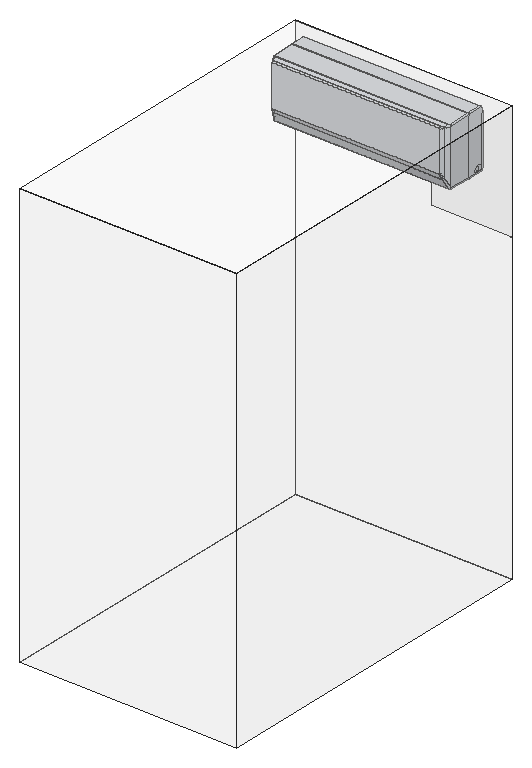
Revit family "pk-rp28_112laka19_60hz", category 機械設備, Revit 2019 (continued)
Definition of nested family "pk-rp80_112(la)ka17"
  Automatic sketch dimensions
    Extrusion 1 sketch curve to Extrusion 1 sketch curve = 4.57 mm
    Extrusion 1 sketch curve to Extrusion 1 sketch curve = 0.828 mm
    Extrusion 1 sketch curve to Extrusion 1 sketch curve = 2.282 mm
    Extrusion 1 sketch curve to Extrusion 1 sketch curve = 1.509 mm
    Extrusion 1 sketch curve to plane 10 "Fkidasi_Z" = 2.669 mm
    Extrusion 1 sketch curve to Extrusion 1 sketch curve = 3.53 mm
    Extrusion 1 sketch curve to Extrusion 1 sketch curve = 0.245 mm
    Extrusion 1 sketch curve to plane 10 "Fkidasi_Z" = 0.212 mm
    Extrusion 1 sketch curve to Extrusion 1 sketch curve = 11.126 mm
    Extrusion 1 sketch curve to Extrusion 1 sketch curve = 11.355 mm
    plane 10 "Fkidasi_Z" to Extrusion 1 sketch curve = 0.239 mm
    Extrusion 1 sketch curve to Extrusion 1 sketch curve = 0.886 mm
    Extrusion 1 sketch curve to Extrusion 1 sketch curve = 14.099 mm
    Extrusion 1 sketch curve to Extrusion 1 sketch curve = 0.981 mm  (x3)
    Extrusion 1 sketch curve to plane 2 = 91.302 mm
    plane 6 "UNDER" to Extrusion 1 sketch curve = 3.179 mm
    Extrusion 1 sketch curve to Extrusion 1 sketch curve = 2.631 mm
    Extrusion 1 sketch curve to Extrusion 1 sketch curve = 10.856 mm
    Extrusion 1 sketch curve to plane 10 "Fkidasi_Z" = 10.968 mm
    Extrusion 1 sketch curve to Extrusion 1 sketch curve = 1.969 mm
    Extrusion 1 sketch curve to plane 10 "Fkidasi_Z" = 1.653 mm
    Extrusion 1 sketch curve to plane 10 "Fkidasi_Z" = 0.674 mm
    Extrusion 1 sketch curve to Extrusion 1 sketch curve = 0.182 mm
    plane 10 "Fkidasi_Z" to Extrusion 1 sketch curve = 19.962 mm
    plane 10 "Fkidasi_Z" to Extrusion 1 sketch curve = 45.88 mm
    Extrusion 1 sketch curve to Extrusion 1 sketch curve = 9.288 mm
    Extrusion 1 sketch curve to Extrusion 1 sketch curve = 1.712 mm
    Extrusion 1 sketch curve to Extrusion 1 sketch curve = 2.453 mm
    Extrusion 1 sketch curve to Extrusion 1 sketch curve = 1.702 mm
    Extrusion 1 sketch curve to Extrusion 1 sketch curve = 0.58 mm
    Extrusion 1 sketch curve to Extrusion 1 sketch curve = 1.434 mm
    Extrusion 1 sketch curve to level = 23.558 mm
    Extrusion 1 sketch curve to Extrusion 1 sketch curve = 8.081 mm
    Extrusion 1 sketch curve to Extrusion 1 sketch curve = 4.288 mm
    Extrusion 1 sketch curve to Extrusion 1 sketch curve = 0.784 mm
    Extrusion 1 sketch curve to Extrusion 1 sketch curve = 0 mm
    Extrusion 1 sketch curve to Extrusion 1 sketch curve = 1.627 mm
    Extrusion 1 sketch curve to Extrusion 1 sketch curve = 0.002 mm
    Extrusion 1 sketch curve to level = 0 mm
    plane 19 to Extrusion 1 sketch curve = 6.097 mm
    Extrusion 1 sketch curve to Extrusion 1 sketch curve = 10.916 mm
    curve 15 to Extrusion 1 = 0 mm
    curve 17 to Extrusion 1 = 0 mm
    curve 20 to Extrusion 1 = 0 mm
    curve 13 to Extrusion 1 = 0 mm
    curve 10 to Extrusion 1 = 0 mm
    curve 8 to Extrusion 1 = 0 mm
    curve 15 to Extrusion 1 = 20 mm
    curve 15 to curve 16 = 8 mm
    curve 19 to Extrusion 1 = 1.466 mm
    curve 21 to Extrusion 1 = 3.034 mm
    curve 21 to curve 17 = 22.703 mm
    curve 14 to curve 9 = 24.618 mm
    curve 10 to curve 14 = 23.733 mm
    curve 10 to curve 12 = 34.286 mm
    curve 9 to Extrusion 1 = 28 mm
    curve 11 to curve 8 = 8 mm
    curve 19 to curve 21 = 11.583 mm
    curve 18 to curve 19 = 23.714 mm
    curve 19 to curve 16 = 19.672 mm
    curve 9 to Extrusion 1 = 35.752 mm
    curve 13 to curve 10 = 10 mm
    curve 13 to curve 11 = 79 mm
    plane 19 to Extrusion 1 sketch curve = 29.248 mm
    curve 6 to Extrusion 1 = 0 mm
    curve 2 to Extrusion 1 = 0 mm
    curve 1 to Extrusion 1 = 0 mm
    curve 2 to Extrusion 1 = 7.8 mm
    curve 1 to Extrusion 1 = 57 mm
    curve 4 to curve 7 = 0 mm
    curve 5 to curve 3 = 8 mm
    curve 3 to curve 7 = 50.624 mm
    curve 7 to curve 6 = 8.376 mm
    curve 7 to curve 3 = 7.895 mm
    curve 24 to Extrusion 1 = 1 mm
    curve 32 to Extrusion 1 = 1.705 mm
    curve 5 to curve 32 = 45 mm
    curve 4 to curve 24 = 48 mm
    curve 32 to Extrusion 1 = 1.664 mm
    curve 2 to Extrusion 1 = 57 mm
    curve 25 to Extrusion 1 = 0 mm
    curve 26 to Extrusion 1 = 0 mm
    curve 30 to Extrusion 1 = 0 mm
    Extrusion 1 to curve 25 = 57 mm
    Extrusion 1 to curve 26 = 7.8 mm
    Extrusion 1 to curve 26 = 57 mm
    curve 31 to curve 28 = 0 mm
    curve 28 to curve 27 = 8 mm
    curve 29 to curve 31 = 50.624 mm
    curve 31 to curve 30 = 8.376 mm
    curve 31 to curve 27 = 7.895 mm
    Extrusion 1 to curve 23 = 1 mm
    Extrusion 1 to curve 22 = 1.664 mm
    Extrusion 1 to curve 22 = 110 mm
    Extrusion 1 to curve 22 = 1.705 mm
    curve 28 to curve 23 = 48 mm
Types (9, lengths in mm): name | 風量_静 (m3/min) | 風量_強 (m3/min) | 風量_弱 (m3/min) | 風量_中 (m3/min) | 風量 | 音響パワーレベル_静 (dB) | 音響パワーレベル_弱 (dB) | 音響パワーレベル_中 (dB) | 音響パワーレベル_強 (dB) | 音響パワーレベル(dB) | 電動機出力_送風機 | 質量 | 構成品番 | 壁掛_PK-RP80_112KA17 | 壁掛_PK-RP40_50LA | 冷媒液管位置-Z | 冷媒液管位置-Y | 冷媒液管位置-X | 冷媒ガス管位置-Z | 冷媒ガス管位置-Y | 冷媒ガス管位置-X | ドレン位置-Z | ドレン位置-Y | ドレン位置-X | Space Top | Space Right_1 | Space Right | Space Left | MIN２風量 | MIN風量 | MID風量 | MAX風量 | 製品質量 | 消費電力_暖房 | 消費電力_冷房 | 消費電力 | 暖房能力 | 冷房能力 | 冷媒管径符号 | 冷媒液管径 | 冷媒ガス管径 | Width | S_H | Height | Depth | Clearance Top | Clearance Right | Clearance Left
  壁掛_PK-RP28LA3 | 6.3 | 8.7 | 7.3 | 8 | 522.0 m³/h | 45 | 48 | 50 | 52 | 52 | 0.03 kW | 15.00 kg | "PK-RP28LA3" | no | yes | 280 | 23 | 711 | 268 | 23 | 642 | 274 | 37 | 660 | 50 | 260 | 150 | 50 | 378.0 m³/h | 438.0 m³/h | 480.0 m³/h | 522.0 m³/h | 12.50 kg | 0.02 kW | 0.03 kW | 0.03 kW | 2.80 kW | 2.5 kW | "Ac" | 6.35 | 12.70 | 898 | 356 | 299 | 237 | 50 | 150 | 50
  壁掛_PK-RP40LA3 | 6.8 | 10.7 | 8.2 | 9.4 | 642.0 m³/h | 47 | 51 | 54 | 57 | 57 | 0.03 kW | 15.00 kg | "PK-RP40LA3" | no | yes | 280 | 35 | 711 | 268 | 35 | 642 | 245 | 35 | 660 | 50 | 260 | 150 | 50 | 408.0 m³/h | 492.0 m³/h | 564.0 m³/h | 642.0 m³/h | 12.50 kg | 0.03 kW | 0.04 kW | 0.04 kW | 4.00 kW | 3.6 kW | "Ac" | 6.35 | 12.70 | 898 | 356 | 299 | 237 | 50 | 150 | 50
  壁掛_PK-RP45LA3 | 6.8 | 10.7 | 8.2 | 9.4 | 642.0 m³/h | 48 | 51 | 54 | 57 | 57 | 0.03 kW | 15.00 kg | "PK-RP45LA3" | no | yes | 280 | 35 | 711 | 268 | 35 | 642 | 245 | 35 | 660 | 50 | 260 | 150 | 50 | 408.0 m³/h | 492.0 m³/h | 564.0 m³/h | 642.0 m³/h | 12.50 kg | 0.03 kW | 0.04 kW | 0.04 kW | 4.50 kW | 4 kW | "Ac" | 6.35 | 12.70 | 898 | 356 | 299 | 237 | 50 | 150 | 50
  壁掛_PK-RP50LA3 | 6.8 | 10.7 | 8.2 | 9.4 | 642.0 m³/h | 48 | 51 | 54 | 57 | 57 | 0.03 kW | 15.00 kg | "PK-RP50LA3" | no | yes | 280 | 35 | 711 | 268 | 35 | 642 | 245 | 35 | 660 | 50 | 260 | 150 | 50 | 408.0 m³/h | 492.0 m³/h | 564.0 m³/h | 642.0 m³/h | 12.50 kg | 0.03 kW | 0.04 kW | 0.04 kW | 5.00 kW | 4.5 kW | "Ac" | 6.35 | 12.70 | 898 | 356 | 299 | 237 | 50 | 150 | 50
  壁掛_PK-RP56LA3 | 7.3 | 13.6 | 9.4 | 11.6 | 816.0 m³/h | 49 | 54 | 59 | 63 | 63 | 0.03 kW | 15.00 kg | "PK-RP56LA3" | no | yes | 280 | 35 | 711 | 268 | 35 | 642 | 245 | 35 | 660 | 50 | 260 | 150 | 50 | 438.0 m³/h | 564.0 m³/h | 696.0 m³/h | 816.0 m³/h | 12.50 kg | 0.05 kW | 0.06 kW | 0.06 kW | 5.60 kW | 5 kW | "Ac" | 6.35 | 12.70 | 898 | 356 | 299 | 237 | 50 | 150 | 50
  壁掛_PK-RP63KA19 | 0 | 19 | 16.5 | 17.8 | 1140.0 m³/h | 0 | 53 | 55 | 56 | 56 | 0.057 kW | 24.00 kg | "PK-RP63KA19" | yes | no | 312 | 30 | 636 | 333 | 25 | 567 | 347 | 61 | 719 | 48 | 220 | 100.5 | 52.3 | 0.0 m³/h | 990.0 m³/h | 1068.0 m³/h | 1140.0 m³/h | 20.00 kg | 0.06 kW | 0.06 kW | 0.06 kW | 6.30 kW | 5.6 kW | "Ac" | 6.35 | 12.70 | 1170 | 420 | 365 | 295 | 48 | 100.5 | 52.3
  壁掛_PK-RP71KA19 | 0 | 19 | 16.5 | 17.8 | 1140.0 m³/h | 0 | 53 | 55 | 56 | 56 | 0.057 kW | 25.20 kg | "PK-RP71KA19" | yes | no | 312 | 30 | 636 | 333 | 25 | 567 | 347 | 61 | 719 | 48 | 220 | 100.5 | 52.3 | 0.0 m³/h | 990.0 m³/h | 1068.0 m³/h | 1140.0 m³/h | 21.00 kg | 0.06 kW | 0.06 kW | 0.06 kW | 7.00 kW | 6.3 kW | "Bd" | 9.52 | 15.88 | 1170 | 420 | 365 | 295 | 48 | 100.5 | 52.3
  壁掛_PK-RP80KA19 | 0 | 23 | 17 | 20 | 1380.0 m³/h | 0 | 53 | 57 | 61 | 61 | 0.057 kW | 25.20 kg | "PK-RP80KA19" | yes | no | 312 | 30 | 636 | 333 | 25 | 567 | 347 | 61 | 719 | 48 | 220 | 100.5 | 52.3 | 0.0 m³/h | 1020.0 m³/h | 1200.0 m³/h | 1380.0 m³/h | 21.00 kg | 0.07 kW | 0.07 kW | 0.07 kW | 8.00 kW | 7.1 kW | "Bd" | 9.52 | 15.88 | 1170 | 420 | 365 | 295 | 48 | 100.5 | 52.3
  壁掛_PK-RP112KA19 | 0 | 25 | 17 | 21 | 1500.0 m³/h | 0 | 56 | 61 | 66 | 66 | 0.057 kW | 25.20 kg | "PK-RP112KA19" | yes | no | 312 | 30 | 636 | 333 | 25 | 567 | 347 | 61 | 719 | 48 | 220 | 100.5 | 52.3 | 0.0 m³/h | 1020.0 m³/h | 1260.0 m³/h | 1500.0 m³/h | 21.00 kg | 0.07 kW | 0.07 kW | 0.07 kW | 11.20 kW | 10 kW | "Bd" | 9.52 | 15.88 | 1170 | 420 | 365 | 295 | 48 | 100.5 | 52.3
